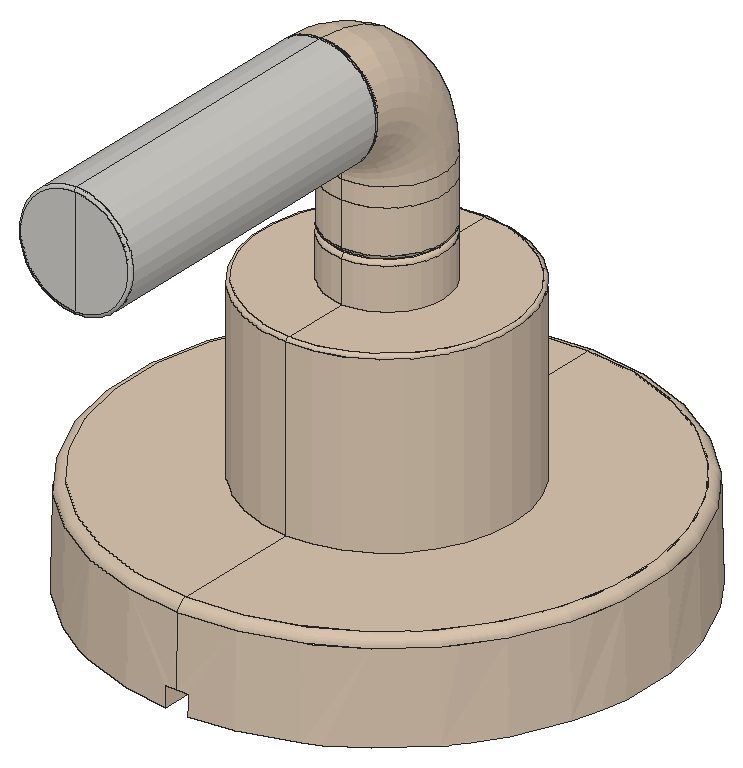
Revit family "Shower-Valve_Trim-KALLISTA-One-P32360", category Specialty Equipment, host Face, Revit 2021
Family settings
  Host = Face
  Round Connector Dimension = Use Diameter
  Part Type = Normal
  OmniClass Number = 23.31.25.00
  OmniClass Title = Toilet and Bath Specialties
  Cut with Voids When Loaded = No
  Shared = No
  Room Calculation Point = No
Parameters (values of type "BAF-Brushed French Gold")
  Width = 3 193/256"  # constant formula
  WaterSense Certified = 1 = 0  # no
  URL = "https://www.kallista.com/"
  Type = 1
  Secondary Finish = Kallista-Metal-AD-Nickel_Silver
  Product Page URL = ""
  Product Name = "One"  # constant formula
  Product Documentation Link = ""
  Model = if(Type = 1, "P32360-AD", if(Type = 2, "P32360-ULB", "NA"))  # "P32360-AD"
  Material = "Premium Metal Construction"  # constant formula
  Master Format 2014 Name = "Toilet, Bath, and Laundry Accessories"  # constant formula
  Master Format 2014 = "10 28 00"  # constant formula
  Manufacturer Address = "444 Highland Dr.Kohler, WI 53044"  # constant formula
  Manufacturer = "Kallista Co."  # constant formula
  Length = 3 191/256"  # constant formula
  Height = 3 193/256"  # constant formula
  Handle Clearance = 2 101/128"  # constant formula
  Finish = Kallista-Metal-BAF-Brushed_French_Gold
  Environmental Product Declaration = ""
  Description = "Grand Lux, Volume Control"  # constant formula
  Default Elevation = 42"
  Declare Label = ""
  Date Modified = "02/09/2023"  # constant formula
  Date Created = "02/09/2023"  # constant formula
  Copyright = "Copyright Kallista Co."  # constant formula
  Contact Us = "https://www.kallista.com/corporate/contact-us/"
  Assembly Code = "C1030200"
  ADA Compliant = 1 = 0  # no
Types (3): name | Type | Secondary Finish | Model | Finish
  (no name) | 1 | Kallista-Metal-AD-Nickel_Silver | "P32360-AD" | Kallista-Metal-BAF-Brushed_French_Gold
  BAF-Brushed French Gold | 1 | Kallista-Metal-AD-Nickel_Silver | "P32360-AD" | Kallista-Metal-BAF-Brushed_French_Gold
  SN-Polished Nickel | 2 | Kallista-Metal-ULB-Unlacquered_Brass | "P32360-ULB" | Kallista-Metal-SN-Polished_Nickel
Reference planes (in)
  plane 1 "Center (Front/Back)": y = 0
  plane 2: z = 0
  plane 3 "Center (Left/Right)": x = 0
  plane 4: y = 1.87598
  plane 5: x = -1.87598
  plane 6: y = -2.7874
  plane 7: x = 1.87792
  plane 8: y = -1.87792
  plane 9: y = 0.40157
  plane 10: x = -0.40354
  plane 11: x = -0.40157
  plane 12: y = 0.89961
  plane 13: y = -0.40157
  plane 14: y = -0.89961
  plane 15: x = -0.89961
  plane 16: x = 0.40157
  plane 17: x = 0.89961
  plane 18: x = 0.40354
  plane 19: z = 3.34449
  plane 20: z = 3.74609
  plane 21: z = 2.94094
  plane 22: z = 1.96063
  plane 23: z = 0.70079
Dimensions and locks (in)
  locked: plane 6 to plane 1 "Center (Front/Back)" at 2.78906
  "Width": plane 5 to plane 7
  "Height": plane 4 to plane 8
  level to plane 23 = 0.70079"
  plane 18 to plane 10 = 0.80709"
  plane 16 to plane 11 = 0.80315"
  level to plane 20 = 3 191/256"
  plane 8 to plane 4 = 3 193/256"
  plane 14 to plane 12 = 1.79921"
  "Handle Clearance": plane 1 "Center (Front/Back)" to plane 6
  "Length": plane 20 to level
  aligned and locked: plane 2 to host face
  aligned and locked: level to host face
  aligned and locked: plane 3 "Center (Left/Right)" to nested 1
  aligned and locked: plane 1 "Center (Front/Back)" to nested 1
Automatic sketch dimensions
  host sketch curve to host sketch curve = 96"  (x2)
Nested families (in)
  nested 1: "P32360" at (0, 0, 0), type "P32360"
Definition of nested family "P32360"
  Parameters
    Secondary Finish = none
    Material = none
    Default Elevation = 0"
  Reference planes (in)
    plane 1 "Center (Front/Back)": y = 0
    plane 2: z = 0
    plane 3 "Center (Left/Right)": x = 0
    plane 4: x = -1.87598
    plane 5: x = 1.87598
    plane 6: y = 1.87598
    plane 7: y = -1.87598
    plane 8: y = -2.7874
    plane 9: x = -0.40354
    plane 10: x = 0.40354
    plane 11: z = 3.74803
    plane 12: z = 2.94094
    plane 13: z = 3.34449
    plane 14: y = 0.89961
    plane 15: y = -0.89961
    plane 16: y = 0.40157
    plane 17: y = -0.40157
    plane 18: x = 0.40157
    plane 19: x = -0.40157
    plane 20: z = 0.70079
    plane 21: z = 1.96063
    plane 22: x = -0.89961
    plane 23: x = 0.89961
    plane 24: y = -0.58268
    plane 25: y = -1.83207
  Forms (in)
    Revolve 1, solid, material <- "Secondary Finish"
      sketch origin (0, 0, 0) x (0, 1, 0) y (0, 0, 1)
        loop
          line (-2.7874, 3.72835) -> (-2.7874, 3.34449) -> (-0.58268, 3.34449) -> (-0.58268, 3.72835)
          arc (-0.58268, 3.72835) -> (-0.58844, 3.74227) -> (-0.60236, 3.74803) r 0.01969
          line (-0.60236, 3.74803) -> (-2.76772, 3.74803)
          arc (-2.76772, 3.74803) -> (-2.78164, 3.74227) -> (-2.7874, 3.72835) r 0.01969
        axis (-0.58268, 3.34449) -> (-2.7874, 3.34449)
      angle from 0 to 360
    Revolve 2, solid, material <- "Material", detail levels medium+fine
      sketch origin (0, 0, 0) x (0, 1, 0) y (0, 0, 1)
        loop
          line (0, 2.62685) -> (0, 2.3) -> (0.38189, 2.3)
          arc (0.38189, 2.3) -> (0.39581, 2.30577) -> (0.40157, 2.31969) r 0.01969
          line (0.40157, 2.31969) -> (0.40157, 2.62685) -> (0, 2.62685)
        axis (0, 2.62685) -> (0, 2.3)
      angle from 0 to 360
    Sweep 3, solid, material <- "Material", detail levels medium+fine
      path origin (0, 0, 0) x (0, 1, 0) y (0, 0, 1)
        loop
          arc (-0.58268, 3.34449) -> (-0.17066, 3.17383) -> (0, 2.76181) r 0.58268
          line (0, 2.76181) -> (0, 2.62685)
      profile origin (0, 0, 2.69433) x (1, 0, 0) y (0, 1, 0)
        loop
          circle (0, 0) r 0.40157
    Revolve 4, solid, material <- "Material", detail levels medium+fine
      sketch origin (0, 0, 0) x (0, 1, 0) y (0, 0, 1)
        loop
          arc (0.89961, 1.93701) -> (0.89269, 1.95371) -> (0.87598, 1.96063) r 0.02362
          line (0.87598, 1.96063) -> (0.40157, 1.96063) -> (0.40157, 2.25244)
          arc (0.40157, 2.25244) -> (0.3935, 2.27193) -> (0.37402, 2.28) r 0.02756
          line (0.37402, 2.28) -> (0, 2.28) -> (0, 0) -> (1.87598, 0) -> (1.86497, 0.63116)
          arc (1.86497, 0.63116) -> (1.84378, 0.68047) -> (1.79411, 0.70079) r 0.07087
          line (1.79411, 0.70079) -> (0.89961, 0.70079) -> (0.89961, 1.93701)
        axis (0, 2.28) -> (0, 0)
      angle from 0 to 360
    Revolve 5, solid, material <- "Material", detail levels coarse
      sketch origin (0, 0, 0) x (0, 1, 0) y (0, 0, 1)
        loop
          arc (1.87598, 0.6811) -> (1.87022, 0.69502) -> (1.8563, 0.70079) r 0.01969
          line (1.8563, 0.70079) -> (0.89961, 0.70079) -> (0.89961, 1.94094)
          arc (0.89961, 1.94094) -> (0.89384, 1.95486) -> (0.87992, 1.96063) r 0.01969
          line (0.87992, 1.96063) -> (0.40157, 1.96063) -> (0.40157, 2.28) -> (0, 2.28) -> (0, 0) -> (1.87598, 0) -> (1.87598, 0.6811)
        axis (0, 2.28) -> (0, 0)
      angle from 0 to 360
    Sweep 6, solid, material <- "Material", detail levels coarse
      path origin (0, 0, 0) x (0, 1, 0) y (0, 0, 1)
        loop
          arc (-0.58268, 3.34449) -> (-0.17066, 3.17383) -> (0, 2.76181) r 0.58268
          line (0, 2.76181) -> (0, 2.3)
      profile origin (0, 0, 2.53091) x (1, 0, 0) y (0, 1, 0)
        loop
          circle (0, 0) r 0.40157
    Extrusion 7, void
      sketch origin (0, 0, 0) x (1, 0, 0) y (0, 0, 1)
        loop
          line (-0.08, 0) -> (0.08, 0) -> (0.08, 0.13993) -> (-0.08, 0.13993) -> (-0.08, 0)
      from 1.17515 to 2.26624
    Extrusion 8, solid
      sketch origin (0, 0, 0) x (1, 0, 0) y (0, 1, 0)
        loop
          circle (0, 0) r 0.3
      from 2.28 to 2.3
  Cuts and joins
    Extrusion 7 cuts Revolve 2
    Extrusion 7 cuts Sweep 3
    Extrusion 7 cuts Revolve 4
    joined: Revolve 2, Sweep 3, Revolve 4
    Extrusion 7 cuts Revolve 5
    joined: Revolve 5, Sweep 6
  Lines and regions (in)
    Masking region 1
      outline origin (0, 0, 0) x (0, 1, 0) y (0, 0, 1)
        loop
          arc (-0.40551, 2.76378) -> (-0.45024, 2.88145) -> (-0.56183, 2.93971) r 0.17717
          arc (-0.56183, 2.93971) -> (-0.57671, 2.94748) -> (-0.58268, 2.96317) r 0.02362
          arc (-0.58268, 2.96317) -> (-0.58752, 2.94763) -> (-0.60236, 2.94094) r 0.01983
          line (-0.60236, 2.94094) -> (-2.76772, 2.94094)
          arc (-2.76772, 2.94094) -> (-2.78164, 2.94671) -> (-2.7874, 2.96063) r 0.01969
          line (-2.7874, 2.96063) -> (-2.7874, 3.72835)
          arc (-2.7874, 3.72835) -> (-2.78164, 3.74227) -> (-2.76772, 3.74803) r 0.01969
          line (-2.76772, 3.74803) -> (-0.60236, 3.74803)
          arc (-0.60236, 3.74803) -> (-0.58844, 3.74227) -> (-0.58268, 3.72825) r 0.01969
          arc (-0.58268, 3.72825) -> (-0.57673, 3.74224) -> (-0.56259, 3.74783) r 0.01969
          arc (-0.56259, 3.74783) -> (0.12036, 3.45261) -> (0.40157, 2.76378) r 0.98425
          line (0.40157, 2.76378) -> (0.40157, 2.31969)
          arc (0.40157, 2.31969) -> (0.39581, 2.30577) -> (0.38189, 2.3) r 0.01969
          line (0.38189, 2.3) -> (0.3, 2.3) -> (0.26536, 2.28) -> (0.37402, 2.28)
          arc (0.37402, 2.28) -> (0.3935, 2.27193) -> (0.40157, 2.25244) r 0.02756
          line (0.40157, 2.25244) -> (0.40157, 1.96063) -> (0.86811, 1.96063)
          arc (0.86811, 1.96063) -> (0.89038, 1.9514) -> (0.89961, 1.92913) r 0.0315
          line (0.89961, 1.92913) -> (0.89961, 0.70079) -> (1.79411, 0.70079)
          arc (1.79411, 0.70079) -> (1.84378, 0.68047) -> (1.86497, 0.63116) r 0.07087
          line (1.86497, 0.63116) -> (1.87598, 0) -> (-1.87598, 0) -> (-1.86497, 0.63116)
          arc (-1.86497, 0.63116) -> (-1.84378, 0.68047) -> (-1.79411, 0.70079) r 0.07087
          line (-1.79411, 0.70079) -> (-0.89961, 0.70079) -> (-0.89961, 1.92913)
          arc (-0.89961, 1.92913) -> (-0.89038, 1.9514) -> (-0.86811, 1.96063) r 0.0315
          line (-0.86811, 1.96063) -> (-0.40157, 1.96063) -> (-0.40157, 2.25244)
          arc (-0.40157, 2.25244) -> (-0.3935, 2.27193) -> (-0.37402, 2.28) r 0.02756
          line (-0.37402, 2.28) -> (-0.26536, 2.28) -> (-0.3, 2.3) -> (-0.38189, 2.3)
          arc (-0.38189, 2.3) -> (-0.39581, 2.30577) -> (-0.40157, 2.31969) r 0.01969
          line (-0.40157, 2.31969) -> (-0.40157, 2.76378)
    Masking region 2
      outline origin (0, 0, 0) x (1, 0, 0) y (0, 0, 1)
        loop
          arc (-1.79411, 0.70079) -> (-1.84378, 0.68047) -> (-1.86497, 0.63116) r 0.07087
          line (-1.86497, 0.63116) -> (-1.87598, 0) -> (1.87598, 0) -> (1.86497, 0.63116)
          arc (1.86497, 0.63116) -> (1.84378, 0.68047) -> (1.79411, 0.70079) r 0.07087
          line (1.79411, 0.70079) -> (0.89961, 0.70079) -> (0.89961, 1.92913)
          arc (0.89961, 1.92913) -> (0.89038, 1.9514) -> (0.86811, 1.96063) r 0.0315
          line (0.86811, 1.96063) -> (0.40157, 1.96063) -> (0.40157, 2.2485)
          arc (0.40157, 2.2485) -> (0.39235, 2.27078) -> (0.37008, 2.28) r 0.0315
          line (0.37008, 2.28) -> (0.3, 2.28) -> (0.27144, 2.3) -> (0.38386, 2.3)
          arc (0.38386, 2.3) -> (0.39778, 2.30577) -> (0.40354, 2.31969) r 0.01969
          line (0.40354, 2.31969) -> (0.40354, 3.34449)
          arc (0.40354, 3.34449) -> (0, 3.74803) -> (-0.40354, 3.34449) r 0.40354
          line (-0.40354, 3.34449) -> (-0.40354, 2.31969)
          arc (-0.40354, 2.31969) -> (-0.39778, 2.30577) -> (-0.38386, 2.3) r 0.01969
          line (-0.38386, 2.3) -> (-0.27144, 2.3) -> (-0.3, 2.28) -> (-0.37008, 2.28)
          arc (-0.37008, 2.28) -> (-0.39235, 2.27078) -> (-0.40157, 2.2485) r 0.0315
          line (-0.40157, 2.2485) -> (-0.40157, 1.96063) -> (-0.86811, 1.96063)
          arc (-0.86811, 1.96063) -> (-0.89038, 1.9514) -> (-0.89961, 1.92913) r 0.0315
          line (-0.89961, 1.92913) -> (-0.89961, 0.70079) -> (-1.79411, 0.70079)
    Masking region 3
      outline origin (0, 0, 0) x (1, 0, 0) y (0, 1, 0)
        loop
          line (-0.40354, -1.83207) -> (-0.40354, -2.76772)
          arc (-0.40354, -2.76772) -> (-0.39778, -2.78164) -> (-0.38386, -2.7874) r 0.01969
          line (-0.38386, -2.7874) -> (0.38386, -2.7874)
          arc (0.38386, -2.7874) -> (0.39778, -2.78164) -> (0.40354, -2.76772) r 0.01969
          line (0.40354, -2.76772) -> (0.40354, -1.83207)
          arc (0.40354, -1.83207) -> (0, 1.87598) -> (-0.40354, -1.83207) r 1.87598
    symbolic lines, detail levels medium+fine
      curve 1: line (-0.40354, 0, 2.31969) -> (0.40354, 0, 2.31969)
      curve 2: line (-0.27144, 0, 2.3) -> (0.27144, 0, 2.3)
      curve 3: line (0.3, 0, 2.28) -> (-0.3, 0, 2.28)
      curve 4: line (-0.40157, 0, 2.2485) -> (0.40157, 0, 2.2485)
      curve 5: line (-0.40157, 0, 1.96063) -> (0.40157, 0, 1.96063)
      curve 6: line (-0.89961, 0, 1.92913) -> (0.89961, 0, 1.92913)
      curve 7: line (-0.89961, 0, 0.70079) -> (0.89961, 0, 0.70079)
      curve 8: line (-1.86497, 0, 0.63116) -> (1.86497, 0, 0.63116)
      curve 9: line (0, 1.86497, 0.63116) -> (0, -1.86497, 0.63116)
      curve 10: line (0, 0.89961, 0.70079) -> (0, -0.89961, 0.70079)
      curve 11: line (0, 0.89961, 1.92913) -> (0, -0.89961, 1.92913)
      curve 12: line (0, 0.40157, 1.96063) -> (0, -0.40157, 1.96063)
      curve 13: line (0, 0.40157, 2.25244) -> (0, -0.40157, 2.25244)
      curve 14: line (0, 0.26536, 2.28) -> (0, -0.26536, 2.28)
      curve 15: line (0, 0.3, 2.3) -> (0, -0.3, 2.3)
      curve 16: line (0, 0.40157, 2.31969) -> (0, -0.40157, 2.31969)
      curve 17: line (0, -0.56259, 3.74783) -> (0, -0.56259, 2.9398)
      curve 18: line (0, -0.58268, 3.72835) -> (0, -0.58268, 2.96317)
      curve 19: line (0, -0.60236, 3.74803) -> (0, -0.60236, 2.94094)
      curve 20: line (0, -2.76772, 3.74803) -> (0, -2.76772, 2.94094)
      curve 21: arc (0.40354, 0, 0) -> (0, 0.40354, 0) -> (-0.40354, 0, 0) r 0.40354
      curve 22: line (0.37265, -0.58268, 0) -> (-0.37265, -0.58268, 0)
      curve 23: arc (0.40354, -0.80402, 0) -> (0, 0.89961, 0) -> (-0.40354, -0.80402, 0) r 0.89961
      curve 24: arc (0.40354, -1.76034, 0) -> (0, 1.806, 0) -> (-0.40354, -1.76034, 0) r 1.806
      curve 25: line (-0.40354, -1.76034, 0) -> (-0.40354, -0.61357, 0)
      curve 26: line (0.40354, -1.76034, 0) -> (0.40354, -0.61357, 0)
      curve 27: line (-0.40354, -1.76034, 0) -> (-0.40354, -1.83207, 0)
      curve 28: line (0.40354, -1.76034, 0) -> (0.40354, -1.83207, 0)
      curve 29: line (-0.40354, -2.76772, 0) -> (0.40354, -2.76772, 0)
      curve 30: arc (0.40354, -0.77146, 0) -> (0, 0.87063, 0) -> (-0.40354, -0.77146, 0) r 0.87063
      curve 31: arc (-0.37265, -0.58268, 0) -> (-0.39449, -0.59173, 0) -> (-0.40354, -0.61357, 0) r 0.0309
      curve 32: arc (-0.37265, -0.58268, 0) -> (-0.39449, -0.57363, 0) -> (-0.40354, -0.55178, 0) r 0.0309
      curve 33: line (-0.40354, -0.55178, 0) -> (-0.40354, 0, 0)
      curve 34: arc (0.37265, -0.58268, 0) -> (0.39449, -0.59173, 0) -> (0.40354, -0.61357, 0) r 0.0309
      curve 35: arc (0.37265, -0.58268, 0) -> (0.39449, -0.57363, 0) -> (0.40354, -0.55178, 0) r 0.0309
      curve 36: line (0.40354, -0.55178, 0) -> (0.40354, 0, 0)
      curve 37: line (-0.40354, -0.55178, 0) -> (0.40354, -0.55178, 0)
      curve 38: line (-0.40354, -0.61357, 0) -> (0.40354, -0.61357, 0)
  Dimensions and locks (in)
    plane 7 to plane 6 = 3.75197"
    plane 4 to plane 5 = 3.75197"
    plane 1 "Center (Front/Back)" to plane 8 = 2.7874"
    plane 11 to level = 3.74803"
    plane 11 to plane 12 = 0.80709"
    plane 16 to plane 17 = 0.80315"
    plane 20 to level = 0.70079"
    plane 23 to plane 22 = 1.79921"
    aligned and locked: plane 2 to level
